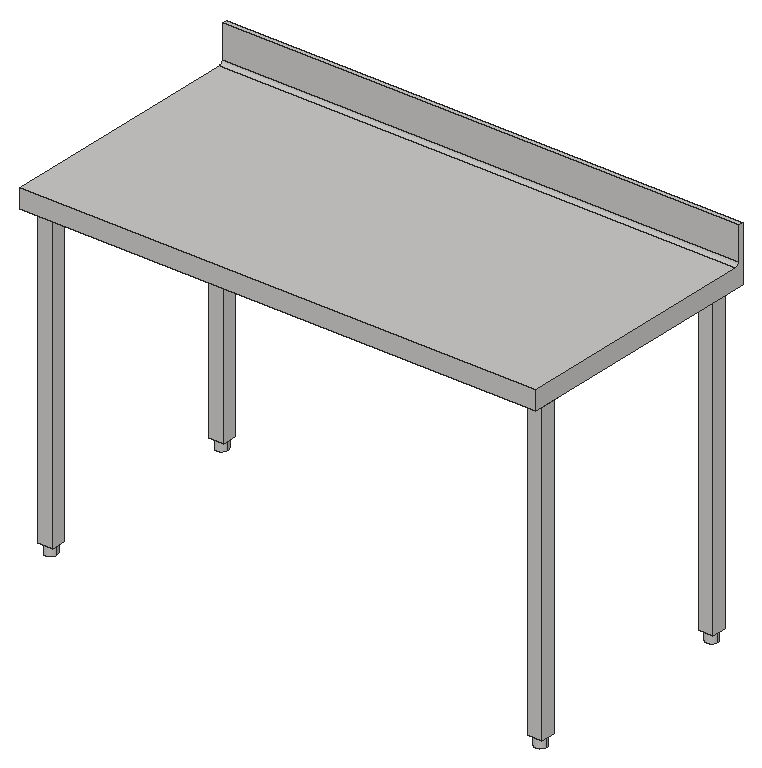
Revit family "QF_ZANUSSI_132732_TG1410PN", category Attrezzature speciali, Revit 2020
Family settings
  Quota connettore circolare = Usa diametro
  Tipo di parte = Normale
  Basato su piano di lavoro = No
  Sempre verticale = Sì
  Taglio con vuoti quando caricato = No
  Condiviso = No
  Punto di calcolo locali = No
Parameters (values of type "Standard")
  Weight = 45.00 kg
  Watts = 0 W
  Volts = 0 V
  URL Manufacturer = "http://www.zanussiprofessional.com"
  URL = "http://www.zanussiprofessional.com"
  Steam Supply Size = 0 mm
  Steam Supply Minimum Pressure = 0.0 Pa
  Steam Supply Maximum Pressure = 0.0 Pa
  Steam Consumption per Hour = 0
  Refrigeration Suction Line Size = 0.0 mm
  Refrigeration Liquid Line Size = 0.0 mm
  Refrigerant Compressor Remote = yes
  Prospetto di default = 0.0 mm
  Produttore = "Zanussi"
  Phase = 0
  Modello = "TG1410PN"
  Length Actual = 1400.0 mm  # constant formula
  Item Number = "132732"
  Hot Water Size = 0 mm
  Height Actual = 1000.0 mm  # constant formula
  HP = "0 HP"
  Gas Size = 0 mm
  Gas KW = 0
  Gas Input Pressure = 0 W
  Direct Waste Size = 0 mm
  Descrizione = "WORK TABLE WITH UPSTAND 1400 MM"
  Depth Actual = 700.0 mm  # constant formula
  Cycle = 0 Hz
  Condensate Return Size = 0 mm
  Compressed Air Volume = 0.0 L/s
  Compressed Air Size = 0 mm
  Compressed Air Pressure = 0.0 Pa
  Cold Water Size = 0 mm
  Accessory = yes
Reference planes
  plane 1 "Center (Front/Back)": y = 0
  plane 2: z = 0
  plane 3 "Center (Left/Right)": x = -200
  plane 4 "LEFT": x = -900
  plane 5 "RIGHT": x = 500
  plane 6 "BACK": y = 350
  plane 7 "FRONT": y = -350
  plane 8 "Base": z = 850
  plane 9 "TOP": z = 900
  plane 10: x = -864.5
  plane 11: x = 464.5
  plane 12: y = 290
  plane 13: y = -290
Forms (mm)
  Extrusion 1, solid, material "QF_Finishes_Stainless Steel"
    sketch origin (-200, 0, 0) x (0, 1, 0) y (0, 0, 1)
      loop
        line (-350, 850) -> (350, 850) -> (350, 1000) -> (337, 1000) -> (337, 910)
        arc (337, 910) -> (334.071, 902.929) -> (327, 900) r 10
        line (327, 900) -> (-350, 900) -> (-350, 850)
    from 700 to -700
Lines and regions (mm)
  symbolic lines
    curve 1: line (500, 350, 900) -> (-900, 350, 900)
    curve 2: line (-900, 350, 900) -> (-900, -350, 900)
    curve 3: line (-900, -350, 900) -> (500, -350, 900)
    curve 4: line (500, -350, 900) -> (500, 350, 900)
    curve 5: line (500, 337, 900) -> (-900, 337, 900)
Dimensions and locks
  plane 4 "LEFT" to plane 5 "RIGHT" = 1400.0 mm
  equal spacing: plane 4 "LEFT", plane 3 "Center (Left/Right)", plane 5 "RIGHT"
  locked: plane 8 "Base" to level at 850
  plane 4 "LEFT" to plane 10 = 35.5 mm
  plane 11 to plane 5 "RIGHT" = 35.5 mm
  plane 10 to plane 11 = 1329.0 mm
  locked: Extrusion 1 to level at 1000
  plane 9 "TOP" to level = 900.0 mm
  plane 6 "BACK" to plane 12 = 60.0 mm
  plane 13 to plane 7 "FRONT" = 60.0 mm
  plane 6 "BACK" to plane 7 "FRONT" = 700.0 mm
  plane 12 to plane 13 = 580.0 mm
  equal spacing: plane 6 "BACK", plane 1 "Center (Front/Back)", plane 7 "FRONT"
  aligned and locked: level to plane 2
  aligned and locked: plane 10 to nested 1
  aligned and locked: nested 1 to plane 13
  aligned and locked: plane 11 to nested 2
  aligned and locked: nested 2 to plane 13
  aligned and locked: plane 11 to nested 4
  aligned and locked: nested 4 to plane 12
  aligned and locked: plane 10 to nested 3
  aligned and locked: nested 3 to plane 12
  aligned and locked: Extrusion 1 to plane 4 "LEFT"
  aligned and locked: plane 5 "RIGHT" to Extrusion 1
  aligned and locked: curve 2 to plane 4 "LEFT"
Automatic sketch dimensions
  Extrusion 1 sketch curve to plane 7 "FRONT" = 0.0 mm
  Extrusion 1 sketch curve to plane 9 "TOP" = 0.0 mm
  Extrusion 1 sketch curve to plane 6 "BACK" = 0.0 mm
  Extrusion 1 sketch curve to plane 8 "Base" = 0.0 mm
  plane 9 "TOP" to Extrusion 1 sketch curve = 10.0 mm
  Extrusion 1 sketch curve to plane 6 "BACK" = 13.0 mm
  Extrusion 1 sketch curve to Extrusion 1 sketch curve = 90.0 mm
  curve 3 to plane 7 "FRONT" = 0.0 mm
  curve 5 to plane 5 "RIGHT" = 0.0 mm
  curve 4 to plane 6 "BACK" = 0.0 mm
  curve 5 to plane 6 "BACK" = 13.0 mm
Nested families
  nested 1: "FEET_40x40" at (-864.5, -290, 0), type "FEET_40x40"
  nested 2: "FEET_40x40" at (464.5, -290, 0), type "FEET_40x40"
  nested 3: "FEET_40x40" at (-864.5, 290, 0), type "FEET_40x40"
  nested 4: "FEET_40x40" at (464.5, 290, 0), type "FEET_40x40"
Definition of nested family "FEET_40x40"
  Parameters
    Default Elevation = 0.0 mm
    FEET = 850.0 mm
  Reference planes
    plane 1 "Center (Front/Back)": y = 0
    plane 2: z = 0
    plane 3 "Center (Left/Right)": x = 0
    plane 4: z = 850
  Forms (mm)
    Extrusion 1, solid
      sketch origin (0, 0, 0) x (1, 0, 0) y (0, 1, 0)
        loop
          line (-20, -20) -> (20, -20) -> (20, 20) -> (-20, 20) -> (-20, -20)
      from 25 to 845
    Extrusion 2, solid
      sketch origin (0, 0, 0) x (1, 0, 0) y (0, 1, 0)
        loop
          circle (0, 0) r 16
      from 0 to 25
    Extrusion 3, solid
      sketch origin (0, 0, 0) x (1, 0, 0) y (0, 1, 0)
        loop
          line (30, 30) -> (-30, 30) -> (-30, -30) -> (30, -30) -> (30, 30)
      from 845 to 850
  Lines and regions (mm)
    symbolic lines
      curve 1: line (0, -1.503, 0) -> (0, 1.508, 0)
      curve 2: line (1.561, 0, 0) -> (-1.439, 0, 0)
  Dimensions and locks
    "FEET": plane 4 to plane 2
    aligned and locked: level to plane 2
  Automatic sketch dimensions
    Extrusion 1 sketch curve to plane 3 "Center (Left/Right)" = 20.0 mm
    plane 3 "Center (Left/Right)" to Extrusion 1 sketch curve = 20.0 mm
    plane 1 "Center (Front/Back)" to Extrusion 1 sketch curve = 20.0 mm
    Extrusion 1 sketch curve to plane 1 "Center (Front/Back)" = 20.0 mm
    plane 1 "Center (Front/Back)" to Extrusion 2 sketch curve = 0.0 mm
    Extrusion 2 sketch curve to plane 3 "Center (Left/Right)" = 0.0 mm
    plane 3 "Center (Left/Right)" to Extrusion 3 sketch curve = 30.0 mm
    Extrusion 3 sketch curve to plane 1 "Center (Front/Back)" = 30.0 mm
    Extrusion 3 sketch curve to plane 3 "Center (Left/Right)" = 30.0 mm
    plane 1 "Center (Front/Back)" to Extrusion 3 sketch curve = 30.0 mm
    plane 1 "Center (Front/Back)" to curve 2 = 0.0 mm
    curve 1 to plane 3 "Center (Left/Right)" = 0.0 mm
    curve 2 to plane 3 "Center (Left/Right)" = 1.439 mm
    plane 3 "Center (Left/Right)" to curve 2 = 1.561 mm
    plane 1 "Center (Front/Back)" to curve 1 = 1.503 mm
    curve 1 to plane 1 "Center (Front/Back)" = 1.508 mm
    radius of Extrusion 2 sketch curve = 16.0 mm
